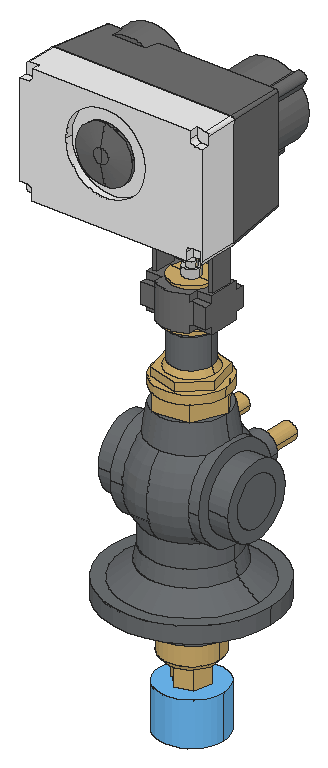
Revit family "AB-QM_DN40-50_External_AMV(E) 25 SD(SU)_RFA_1", category Pipe Accessories, Revit 2019 (continued)
Definition of nested family "AMV(E) 25 SD(SU)_RFA"
  Automatic sketch dimensions
    Blend 12 sketch curve to Blend 12 sketch curve = 0.085 mm
    plane 4 to Blend 12 sketch curve = 619.252 mm
    Blend 12 sketch curve to plane 29 = 0.303 mm
    Blend 12 sketch curve to level = 658.801 mm
    Extrusion 13 sketch curve to plane 24 = 33.5 mm
    Extrusion 17 sketch curve to Extrusion 17 sketch curve = 3.625 mm  (x2)
    Extrusion 3 sketch curve to plane 10 = 0 mm
    Extrusion 3 sketch curve to plane 6 "1" = 2.6 mm
    plane 9 to Extrusion 3 sketch curve = 7.33 mm
    Extrusion 2 sketch curve to plane 5 = 2.6 mm
    Extrusion 2 sketch curve to plane 9 = 7.33 mm
    Extrusion 18 sketch curve to plane 28 "2" = 3.009 mm
    Extrusion 18 sketch curve to Extrusion 18 sketch curve = 0.951 mm
    Extrusion 18 sketch curve to Extrusion 18 sketch curve = 1.055 mm
    Extrusion 18 sketch curve to Extrusion 18 sketch curve = 1.445 mm
    Extrusion 18 sketch curve to Extrusion 18 sketch curve = 0.402 mm
    Extrusion 18 sketch curve to plane 3 "Center (Left/Right)" = 6.897 mm
    Extrusion 18 sketch curve to plane 3 "Center (Left/Right)" = 6.61 mm
    Extrusion 18 sketch curve to plane 1 "Center (Front/Back)" = 0.001 mm
    Extrusion 18 sketch curve to plane 3 "Center (Left/Right)" = 0.134 mm  (x2)
    Extrusion 18 sketch curve to plane 32 = 4.657 mm
    Extrusion 18 sketch curve to plane 32 = 4.37 mm
    plane 5 to Extrusion 18 sketch curve = 4.552 mm
    plane 5 to Extrusion 18 sketch curve = 4.564 mm
    Extrusion 18 sketch curve to Extrusion 18 sketch curve = 0.564 mm
    Extrusion 18 sketch curve to Extrusion 18 sketch curve = 1.457 mm
    plane 1 "Center (Front/Back)" to Extrusion 18 sketch curve = 3.471 mm  (x2)
    Extrusion 18 sketch curve to plane 33 = 2.567 mm
    Extrusion 18 sketch curve to Extrusion 18 sketch curve = 0.794 mm
    Extrusion 18 sketch curve to plane 1 "Center (Front/Back)" = 3.471 mm  (x2)
    plane 14 to Extrusion 18 sketch curve = 6.947 mm
    Extrusion 18 sketch curve to Extrusion 18 sketch curve = 0.56 mm
    plane 3 "Center (Left/Right)" to Revolve 19 sketch curve = 1.999 mm
    Revolve 19 sketch curve to Revolve 19 sketch curve = 2.001 mm
    Revolve 19 sketch curve to plane 32 = 3 mm
    Revolve 19 sketch curve to Revolve 19 sketch curve = 2.124 mm
    Revolve 19 sketch curve to Revolve 19 sketch curve = 5.9 mm
    plane 10 to Revolve 19 sketch curve = 6.895 mm
    plane 20 to Revolve 19 sketch curve = 3.665 mm
    Extrusion 20 sketch curve to plane 1 "Center (Front/Back)" = 4.814 mm
    Extrusion 20 sketch curve to Extrusion 20 sketch curve = 0.56 mm
    plane 27 to Revolve 5 sketch curve = 6.181 mm
    plane 24 to Revolve 5 sketch curve = 1.625 mm
    Revolve 5 sketch curve to plane 21 = 16.422 mm
    Revolve 5 sketch curve to plane 24 = 5 mm
    plane 12 to Revolve 5 sketch curve = 23.677 mm
Definition of nested family "Adapter_AMV(E) 15(25)(35)_RFA"
  Parameters (values of type "Adapter_AMV(E) 25_DN40-100_003Z0694")
    W = 45 mm
    URL = "https://store.danfoss.com/en/Climate-Solutions-for-heating/Hydronic-Balancing-and-Control/Pressure-independent-balancing-and-control/Pressure-Independent-Control-Valves-%28PICV%29/AB-QM-Accessories/Adapter-AMV-E-25-DN-40---100/p/003Z0694"
    Model Type = "Adapter_AMV(E) 25_DN40-100"
    Model = "003Z0694"
    Manufacturer = "Danfoss"  # constant formula
    L = 45 mm
    IfcExportType = "Adapter"  # constant formula
    IfcExportAs = "IfcValveType"  # constant formula
    H2 = 20 mm
    H1 = 20 mm
    H = 54.7 mm
    Description = "Adapter"  # constant formula
  Types (2, lengths in mm): name | URL | Model Type | Model | H2 | H1 | H
    Adapter_AMV(E) 25_DN40-100_003Z0694 | "https://store.danfoss.com/en/Climate-Solutions-for-heating/Hydronic-Balancing-and-Control/Pressure-independent-balancing-and-control/Pressure-Independent-Control-Valves-%28PICV%29/AB-QM-Accessories/Adapter-AMV-E-25-DN-40---100/p/003Z0694" | "Adapter_AMV(E) 25_DN40-100" | "003Z0694" | 20 | 20 | 54.7
    Adapter_AMV(E) 15(25)(35)_DN15-50_065Z0311 | "https://store.danfoss.com/en/Climate-Solutions-for-heating/Motorised-Control-Valves/Actuators-for-Globe-Valves/Accessories-for-actuators/AdapAMx15-16-25-35-VRB-G%2CVF-L2009dn15-50/p/065Z0311" | "Adapter_AMV(E) 15(25)(35)_DN15-50" | "065Z0311" | 28 | 34 | 69
  Reference planes
    plane 1 "Center (Front/Back)": y = 0
    plane 2: z = 0
    plane 3 "Center (Left/Right)": x = 0
    plane 4: z = 54.7
    plane 5: x = -22.5
    plane 6: x = 22.5
    plane 7: z = 34.7
    plane 8: z = 34.7
  Forms (mm)
    Revolve 1, solid
      sketch origin (0, 0, 0) x (1, 0, 0) y (0, 0, 1)
        loop
          line (0, 34.7) -> (-17.5, 34.7) -> (-17.5, 29.396) -> (-14.5, 18.2) -> (-17.5, 18.2) -> (-17.5, 3.2) -> (-22.5, 3.2) -> (-22.5, 0) -> (0, 0) -> (0, 34.7)
        axis (0, 34.7) -> (0, 0)
      angle from 0 to 360
    Revolve 2, solid
      sketch origin (0, 0, 0) x (1, 0, 0) y (0, 0, 1)
        loop
          line (0, 54.7) -> (-3, 54.7) -> (-3, 52.7) -> (-2, 52.7) -> (-2, 48.7) -> (-4, 45.844) -> (-4, 41.2) -> (-7, 41.2) -> (-7, 34.7) -> (0, 34.7) -> (0, 54.7)
        axis (0, 54.7) -> (0, 34.7)
      angle from 0 to 360
  Dimensions and locks
    equal spacing: plane 6, plane 3 "Center (Left/Right)", plane 5
    "L": plane 6 to plane 5
    "H": plane 4 to plane 2
    plane 3 "Center (Left/Right)" to Revolve 1 sketch curve = 17.5 mm
    Revolve 1 sketch curve to Revolve 1 sketch curve = 3.2 mm
    "H1": plane 4 to plane 7
    "H2": plane 4 to plane 8
    aligned and locked: level to plane 2
    aligned and locked: Revolve 1 sketch curve to plane 3 "Center (Left/Right)"
    aligned and locked: Revolve 1 sketch curve to plane 5
    aligned and locked: Revolve 1 sketch curve to plane 2
    aligned and locked: Revolve 1 sketch curve to Revolve 1 sketch curve
    aligned and locked: Revolve 2 sketch curve to plane 3 "Center (Left/Right)"
    aligned and locked: Revolve 2 sketch curve to plane 4
    aligned and locked: Revolve 2 sketch curve to Revolve 2 sketch curve
    aligned and locked: Revolve 1 sketch curve to plane 7
    aligned and locked: Revolve 2 sketch curve to plane 8
  Automatic sketch dimensions
    Revolve 1 sketch curve to level = 0 mm
    plane 5 to Revolve 1 sketch curve = 5 mm
    Revolve 1 sketch curve to Revolve 1 sketch curve = 3 mm
    Revolve 1 sketch curve to Revolve 1 sketch curve = 15 mm
    Revolve 1 sketch curve to Revolve 1 sketch curve = 5.304 mm
    Revolve 2 sketch curve to plane 4 = 0 mm
    Revolve 2 sketch curve to plane 3 "Center (Left/Right)" = 2 mm
    Revolve 2 sketch curve to Revolve 2 sketch curve = 1 mm
    Revolve 2 sketch curve to plane 3 "Center (Left/Right)" = 4 mm
    Revolve 2 sketch curve to Revolve 2 sketch curve = 7 mm
    Revolve 2 sketch curve to Revolve 2 sketch curve = 4.644 mm
    Revolve 2 sketch curve to Revolve 2 sketch curve = 2.856 mm
    Revolve 2 sketch curve to plane 4 = 2 mm
    Revolve 2 sketch curve to Revolve 2 sketch curve = 4 mm
    Revolve 1 sketch curve to plane 7 = 0 mm
    plane 7 to Revolve 2 sketch curve = 2 mm
Definition of nested family "Schematic_PICV_Actuator"
  Parameters (values of type "Schematic_PICV_Actuator")
    L_1 = 3 / 5 * L  # 39 mm
    L = 65 mm
    H4 = L / 3  # 21.667 mm
    H2 = L  # 65 mm
    H1 = L  # 65 mm
    D = 20 mm
  Reference planes
    plane 1 "Center (Front/Back)": y = 0
    plane 2: z = 0
    plane 3 "Center (Left/Right)": x = 0
    plane 4: x = 19.5
    plane 5: x = -19.5
    plane 6: z = 10
    plane 7: z = -10
    plane 8: z = 65
    plane 9: x = 32.5
    plane 10: x = -32.5
    plane 11: y = 10
    plane 12: y = -10
    plane 13: y = 65
    plane 14: y = -65
    plane 15: z = -65
    plane 16: z = -54.167
    plane 17: y = -54.167
    plane 18: z = -43.333
    plane 19: y = -43.333
    plane 20: z = 26
    plane 21: y = 26
  Lines and regions (mm)
    model lines
      curve 1: line (0, 0, 26) -> (0, 0, -43.333)
      curve 2: line (0, 0, 0) -> (-32.5, 0, 10)
      curve 3: line (-32.5, 0, 10) -> (-32.5, 0, -10)
      curve 4: line (-32.5, 0, -10) -> (0, 0, 0)
      curve 5: line (0, 0, 0) -> (32.5, 0, 10)
      curve 6: line (32.5, 0, 10) -> (32.5, 0, -10)
      curve 7: line (32.5, 0, -10) -> (0, 0, 0)
      curve 8: spline (-19.5, 0, -54.167) -> (-18.836, 0, -56.971) -> (-16.887, 0, -59.583) -> (-13.789, 0, -61.827) -> (-9.75, 0, -63.549) -> (-5.047, 0, -64.631) -> (0, 0, -65) -> (5.047, 0, -64.631) -> (9.75, 0, -63.549) -> (13.789, 0, -61.827) -> (16.887, 0, -59.583) -> (18.836, 0, -56.971) -> (19.5, 0, -54.167) -> (18.836, 0, -51.363) -> (16.887, 0, -48.75) -> (13.789, 0, -46.506) -> (9.75, 0, -44.785) -> (5.047, 0, -43.702) -> (0, 0, -43.333) -> (-5.047, 0, -43.702) -> (-9.75, 0, -44.785) -> (-13.789, 0, -46.506) -> (-16.887, 0, -48.75) -> (-18.836, 0, -51.363) -> (-19.5, 0, -54.167)
      curve 9: line (-19.5, 0, -54.167) -> (19.5, 0, -54.167)
      curve 10: line (-19.5, 0, 65) -> (19.5, 0, 65)
      curve 11: line (-19.5, 0, 65) -> (-19.5, 0, 26)
      curve 12: line (-19.5, 0, 26) -> (19.5, 0, 26)
      curve 13: line (19.5, 0, 26) -> (19.5, 0, 65)
    symbolic lines
      curve 14: line (32.5, 10, 0) -> (32.5, -10, 0)
      curve 15: line (-32.5, 10, 0) -> (-32.5, -10, 0)
      curve 16: line (-32.5, 10, 0) -> (0, 0, 0)
      curve 17: line (0, 0, 0) -> (-32.5, -10, 0)
      curve 18: line (0, 0, 0) -> (32.5, -10, 0)
      curve 19: line (0, 0, 0) -> (32.5, 10, 0)
      curve 20: line (0, 26, 0) -> (0, -43.333, 0)
      curve 21: spline (-19.5, -54.167, 0) -> (-18.836, -56.971, 0) -> (-16.887, -59.583, 0) -> (-13.789, -61.827, 0) -> (-9.75, -63.549, 0) -> (-5.047, -64.631, 0) -> (0, -65, 0) -> (5.047, -64.631, 0) -> (9.75, -63.549, 0) -> (13.789, -61.827, 0) -> (16.887, -59.583, 0) -> (18.836, -56.971, 0) -> (19.5, -54.167, 0) -> (18.836, -51.363, 0) -> (16.887, -48.75, 0) -> (13.789, -46.506, 0) -> (9.75, -44.785, 0) -> (5.047, -43.702, 0) -> (0, -43.333, 0) -> (-5.047, -43.702, 0) -> (-9.75, -44.785, 0) -> (-13.789, -46.506, 0) -> (-16.887, -48.75, 0) -> (-18.836, -51.363, 0) -> (-19.5, -54.167, 0)
      curve 22: line (19.5, -54.167, 0) -> (-19.5, -54.167, 0)
      curve 23: line (19.5, 65, 0) -> (-19.5, 65, 0)
      curve 24: line (-19.5, 65, 0) -> (-19.5, 26, 0)
      curve 25: line (-19.5, 26, 0) -> (19.5, 26, 0)
      curve 26: line (19.5, 26, 0) -> (19.5, 65, 0)
  Dimensions and locks
    equal spacing: plane 4, plane 3 "Center (Left/Right)", plane 5
    "D": plane 6 to plane 7
    equal spacing: plane 6, level, plane 7
    "L": plane 9 to plane 10
    equal spacing: plane 9, plane 3 "Center (Left/Right)", plane 10
    "D": plane 12 to plane 11
    equal spacing: plane 12, plane 1 "Center (Front/Back)", plane 11
    "H1": plane 1 "Center (Front/Back)" to plane 13
    "H2": plane 14 to plane 1 "Center (Front/Back)"
    "H1": plane 8 to level
    "H2": level to plane 15
    equal spacing: plane 18, plane 16, plane 15
    equal spacing: plane 14, plane 17, plane 19
    "L_1": plane 4 to plane 5
    "L_1": plane 8 to plane 20
    "L_1": plane 21 to plane 13
    "H4": plane 18 to plane 15
    "H4": plane 14 to plane 19
    aligned and locked: level to plane 2
    aligned and locked: plane 4 to curve 8
    aligned and locked: plane 5 to curve 8
    aligned and locked: plane 5 to curve 10
    aligned and locked: plane 4 to curve 10
    aligned and locked: curve 9 to plane 16
    aligned and locked: plane 16 to curve 8
    aligned and locked: plane 18 to curve 8
    aligned and locked: plane 17 to curve 21
    aligned and locked: plane 3 "Center (Left/Right)" to curve 21
    aligned and locked: plane 19 to curve 21
  Automatic sketch dimensions
    curve 3 to plane 7 = 0 mm
    curve 3 to plane 10 = 0 mm
    curve 2 to level = 0 mm
    curve 2 to plane 3 "Center (Left/Right)" = 0 mm
    curve 6 to plane 7 = 0 mm
    curve 6 to plane 9 = 0 mm
    curve 7 to level = 0 mm
    curve 5 to level = 0 mm
    curve 6 to plane 6 = 0 mm
    curve 3 to plane 6 = 0 mm
    curve 1 to plane 20 = 0 mm
    curve 10 to plane 8 = 0 mm
    curve 16 to plane 10 = 0 mm
    curve 23 to plane 5 = 0 mm
    curve 22 to plane 5 = 0 mm
    plane 1 "Center (Front/Back)" to curve 19 = 0 mm
    curve 19 to plane 3 "Center (Left/Right)" = 0 mm
    curve 20 to plane 3 "Center (Left/Right)" = 0 mm
    curve 23 to plane 4 = 0 mm
    curve 18 to plane 9 = 0 mm
    plane 17 to curve 22 = 0 mm
    plane 12 to curve 18 = 0 mm
    plane 12 to curve 17 = 0 mm
    plane 11 to curve 15 = 0 mm
    plane 11 to curve 19 = 0 mm
    plane 21 to curve 20 = 0 mm
    plane 21 to curve 26 = 0 mm
    plane 13 to curve 23 = 0 mm
Types (2, lengths in mm): name | Weight | TP_L | RM | R2 | R1 | Power | Nominal Flow (Text) | Nominal Flow | Model Type | Model | L1__ve | L1 | L | D | Actuator Type
  AB-QM_DN40_External_003Z0770 | 6.834 kg | 40 | 39 | 48 | 30 | 14 VA | "7500 l/h" | 7.5 m³/h | "AB-QM_DN40" | "003Z0770" | -17.5 | 17.5 | 110 | 40 | AMV(E) 25 SD(SU)_RFA : AME 25 SD_082H3038
  AB-QM_DN50_External_003Z0771 | 7.866 kg | 52 | 48 | 56 | 38 | 12 VA | "12500 l/h" | 12.5 m³/h | "AB-QM_DN50" | "003Z0771" | -21.5 | 21.5 | 130 | 50 | AMV(E) 25 SD(SU)_RFA : AMV 25 SD_24V_082H3036
